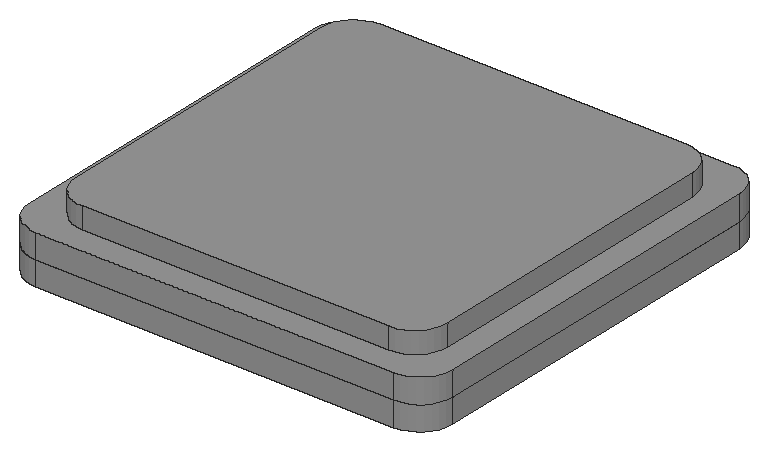
Revit family "FMS2_63_UN_Surface-mounted_ETK", category Lighting Fixtures, Revit 2019 (continued)
Definition of nested family "FMS.2 - Lightsource"
  Types (14, lengths in mm): name | Wattage Comments | Wattage | built-in parameter 1150134 | Photometric Web File | built-in parameter 1150142 | built-in parameter 1150105 | Lumens | built-in parameter 1150107 | built-in parameter 1150106 | Apparent Load
      44\t945.3186\t942.7428\r\n939.8808\t937.0188\t934.1568\t931.2948\t928.4328\t925.857\t922.995\t920.133\t917.271\t914.409\r\n911.547\t908.685\t905.823\t901.8162\t897.5232\t893.2302\t888.9372\t884.6442\t880.065\t875.772\r\n871.1928\t866.6136\t862.0344\t857.4552\t852.876\t848.583\t844.0038\t839.7108\t835.1316\t830.8386\r\n826.5456\t821.9664\t817.3872\t812.808\t807.084\t801.36\t795.3498\t789.6258\t783.9018\t778.1778\r\n772.74\t767.016\t761.292\t755.568\t749.844\t744.12\t738.396\t732.672\t726.948\t721.224\r\n715.5\t709.776\t704.052\t698.328\t692.0316\t685.1628\t678.0078\t671.139\t664.2702\t657.4014\r\n650.5326\t643.6638\t636.795\t629.9262\t623.0574\t616.1886\t609.3198\t602.7372\t595.8684\t588.9996\r\n582.1308\t575.262\t568.3932\t561.5244\t554.3694\t546.9282\t539.2008\t531.7596\t524.0322\t516.3048\r\n508.8636\t501.1362\t493.695\t485.9676\t478.5264\t471.0852\t463.3578\t455.9166\t448.4754\t440.748\r\n433.3068\t425.8656\t418.1382\t410.697\t402.6834\t394.6698\t386.6562\t378.6426\t370.629\t362.6154\r\n354.6018\t346.5882\t338.5746\t330.561\t322.5474\t314.5338\t306.5202\t298.5066\t290.493\t282.4222\r\n274.4372\t266.4236\t258.4386\t250.9974\t243.7279\t236.4584\t229.189\t221.9481\t214.6786\t207.4378\r\n200.1683\t192.9274\t185.6866\t178.4457\t171.2335\t163.9926\t156.7517\t149.5395\t142.3273\t135.0864\r\n127.8742\t120.6619\t108.985\t96.3063\t83.6276\t70.9776\t58.2989\t45.6203\t32.9416\t20.2773\r\n7.6072\t0\t0\t0\t0\t0\t0\t0\t0\t0\r\n0\r\n985.1004\t983.9556\t983.097\t981.9522\t980.8074\t979.9488\t978.804\t977.9454\t977.0868\t975.942\r\n975.0834\t974.2248\t973.08\t972.2214\t971.0766\t970.218\t969.0732\t968.2146\t967.356\t966.2112\r\n965.3526\t963.9216\t961.0596\t958.4838\t955.6218\t953.046\t950.184\t947.6082\t944.7462\t941.8842\r\n939.3084\t936.7326\t933.8706\t931.2948\t928.719\t925.857\t923.2812\t920.4192\t917.8434\t915.2676\r\n912.4056\t909.5436\t905.823\t901.53\t896.9508\t892.6578\t888.3648\t884.0718\t879.7788\t875.4858\r\n870.9066\t866.6136\t862.3206\t857.7414\t853.4484\t849.1554\t844.5762\t840.2832\t835.9902\t831.6972\r\n827.4042\t823.1112\t818.2458\t812.5218\t807.084\t801.36\t795.636\t789.912\t784.188\t778.464\r\n772.74\t767.016\t761.292\t755.568\t749.844\t744.4062\t738.6822\t732.9582\t727.5204\t721.7964\r\n716.0724\t710.6346\t704.9106\t698.0418\t691.173\t684.5904\t677.7216\t670.8528\t663.984\t657.1152\r\n650.2464\t643.6638\t636.795\t629.9262\t623.3436\t616.4748\t609.8922\t603.0234\t596.1546\t589.572\r\n582.7032\t576.1206\t569.2518\t561.8106\t554.0832\t546.642\t539.2008\t531.4734\t524.0322\t516.591\r\n508.8636\t501.4224\t493.695\t486.2538\t478.5264\t471.0852\t463.644\t455.9166\t448.4754\t441.0342\r\n433.3068\t425.8656\t418.1382\t410.1246\t402.111\t394.0974\t386.0838\t378.0702\t370.0566\t362.043\r\n354.0294\t346.0158\t338.0022\t329.9886\t321.975\t313.9614\t305.9478\t297.9342\t290.2068\t282.0787\r\n274.1224\t266.1374\t258.6676\t251.3695\t244.0714\t236.7733\t229.4752\t222.2057\t214.9076\t207.6381\r\n200.34\t193.0705\t185.7724\t178.5029\t171.2048\t163.9354\t156.6659\t149.3964\t142.1269\t134.8574\r\n127.5593\t118.5154\t105.8081\t93.1295\t80.4222\t67.7435\t55.0649\t42.3576\t29.6789\t16.9917\r\n4.3016\t0\t0\t0\t0\t0\t0\t0\t0\t0\r\n0\r\n985.1004\t983.9556\t983.097\t981.9522\t981.0936\t979.9488\t979.0902\t977.9454\t977.0868\t976.2282\r\n975.0834\t974.2248\t973.3662\t972.5076\t971.3628\t970.5042\t969.6456\t968.5008\t967.6422\t966.4974\r\n965.6388\t963.3492\t960.7734\t958.1976\t955.3356\t952.7598\t950.184\t947.322\t944.7462\t942.1704\r\n939.3084\t936.7326\t934.1568\t931.2948\t928.719\t925.857\t923.2812\t920.4192\t917.8434\t914.9814\r\n912.4056\t908.9712\t904.9644\t900.6714\t896.3784\t892.0854\t887.7924\t883.4994\t879.2064\t874.9134\r\n870.9066\t866.6136\t862.3206\t858.0276\t853.7346\t849.4416\t845.1486\t840.8556\t836.8488\t832.5558\r\n828.2628\t823.6836\t817.9596\t812.2356\t806.5116\t800.7876\t795.3498\t789.6258\t783.9018\t778.1778\r\n772.74\t767.016\t761.292\t755.568\t750.1302\t744.4062\t738.6822\t732.9582\t727.2342\t721.5102\r\n715.7862\t710.0622\t703.4796\t696.6108\t690.0282\t683.1594\t676.5768\t669.9942\t663.1254\t656.5428\r\n649.674\t643.0914\t636.5088\t629.9262\t623.0574\t616.4748\t609.8922\t603.0234\t596.4408\t589.8582\r\n582.9894\t576.1206\t568.6794\t561.2382\t553.797\t546.3558\t538.9146\t531.1872\t523.746\t516.3048\r\n508.8636\t501.1362\t493.695\t486.2538\t478.8126\t471.3714\t463.644\t456.2028\t448.7616\t441.3204\r\n433.8792\t426.1518\t418.1382\t410.1246\t402.111\t394.3836\t386.37\t378.3564\t370.3428\t362.3292\r\n354.3156\t346.302\t338.2884\t330.2748\t322.2612\t314.2476\t306.234\t298.2204\t290.2068\t282.1932\r\n274.1796\t266.4808\t259.1541\t251.8274\t244.5007\t237.1739\t229.8472\t222.5205\t215.1938\t207.8957\r\n200.569\t193.2422\t185.9155\t178.6174\t171.2907\t163.964\t156.6659\t149.3392\t142.0411\t134.7143\r\n127.4162\t116.3117\t103.6044\t90.8971\t78.1612\t65.4539\t52.7467\t40.0394\t27.3378\t14.6305\r\n1.9213\t0\t0\t0\t0\t0\t0\t0\t0\t0\r\n0\r\n985.1004\t984.2418\t983.097\t982.2384\t981.0936\t980.235\t979.0902\t978.2316\t977.373\t976.2282\r\n975.3696\t974.511\t973.3662\t972.5076\t971.649\t970.7904\t969.6456\t968.787\t967.9284\t967.0698\r\n966.2112\t963.6354\t961.0596\t958.4838\t955.6218\t953.046\t950.4702\t947.6082\t945.0324\t942.4566\r\n939.5946\t937.0188\t934.443\t931.581\t929.0052\t926.4294\t923.5674\t920.9916\t918.4158\t915.84\r\n913.2642\t908.9712\t904.9644\t900.6714\t896.3784\t892.0854\t887.7924\t883.4994\t879.2064\t874.9134\r\n870.9066\t866.6136\t862.3206\t858.0276\t853.7346\t849.4416\t845.4348\t841.1418\t836.8488\t832.5558\r\n828.549\t823.1112\t817.3872\t811.9494\t806.2254\t800.7876\t795.0636\t789.3396\t783.9018\t778.1778\r\n772.4538\t767.016\t761.292\t755.568\t749.844\t744.4062\t738.6822\t732.9582\t727.2342\t721.7964\r\n716.0724\t709.4898\t702.9072\t696.3246\t689.742\t683.1594\t676.2906\t669.708\t663.1254\t656.5428\r\n649.9602\t643.0914\t636.5088\t629.9262\t623.3436\t616.761\t610.1784\t603.3096\t596.727\t590.1444\r\n583.5618\t576.1206\t568.6794\t561.2382\t553.797\t546.3558\t538.9146\t531.4734\t523.746\t516.3048\r\n508.8636\t501.4224\t493.9812\t486.54\t478.8126\t471.3714\t463.9302\t456.489\t449.0478\t441.6066\r\n434.1654\t426.1518\t418.1382\t410.1246\t402.111\t394.0974\t386.0838\t378.0702\t370.0566\t362.043\r\n354.3156\t346.302\t338.2884\t330.2748\t322.2612\t314.2476\t306.234\t298.2204\t290.2068\t282.2504\r\n274.2655\t266.8243\t259.4689\t252.1422\t244.7869\t237.4315\t230.0762\t222.7208\t215.3655\t208.0388\r\n200.6834\t193.3281\t185.9728\t178.646\t171.2907\t163.9354\t156.6086\t149.2533\t141.898\t134.5712\r\n127.2159\t114.9093\t102.202\t89.4661\t76.7588\t64.0516\t51.3443\t38.6084\t25.9068\t13.1938\r\n0.4814\t0\t0\t0\t0\t0\t0\t0\t0\t0\r\n0\r\n985.1004\t984.2418\t983.097\t982.2384\t981.3798\t980.235\t979.3764\t978.5178\t977.373\t976.5144\r\n975.3696\t974.511\t973.6524\t972.5076\t971.649\t970.7904\t969.6456\t968.787\t967.9284\t966.7836\r\n965.925\t963.3492\t960.4872\t957.9114\t955.3356\t952.7598\t949.8978\t947.322\t944.7462\t942.1704\r\n939.3084\t936.7326\t934.1568\t931.581\t929.0052\t926.1432\t923.5674\t920.9916\t918.4158\t915.5538\r\n912.978\t908.685\t904.6782\t900.3852\t896.0922\t891.7992\t887.7924\t883.4994\t879.2064\t875.1996\r\n870.9066\t866.6136\t862.3206\t858.3138\t854.0208\t849.7278\t845.721\t841.428\t837.135\t832.842\r\n828.8352\t823.1112\t817.6734\t811.9494\t806.2254\t800.7876\t795.0636\t789.6258\t783.9018\t778.464\r\n772.74\t767.016\t761.5782\t755.8542\t750.4164\t744.6924\t739.2546\t733.5306\t727.8066\t722.3688\r\n716.6448\t710.0622\t703.4796\t696.6108\t690.0282\t683.4456\t676.863\t669.9942\t663.4116\t656.829\r\n650.2464\t643.3776\t636.795\t630.2124\t623.3436\t616.761\t610.1784\t603.5958\t596.727\t590.1444\r\n583.5618\t576.1206\t568.6794\t561.2382\t553.5108\t546.0696\t538.6284\t531.1872\t523.746\t516.3048\r\n508.8636\t501.4224\t493.9812\t486.54\t478.8126\t471.3714\t463.9302\t456.489\t449.0478\t441.6066\r\n434.1654\t426.1518\t418.1382\t410.1246\t402.111\t394.0974\t386.37\t378.3564\t370.3428\t362.3292\r\n354.3156\t346.302\t338.2884\t330.2748\t322.2612\t314.2476\t306.234\t298.5066\t290.493\t282.4222\r\n274.4372\t267.0818\t259.7265\t252.3712\t245.0158\t237.6891\t230.3338\t222.9784\t215.6231\t208.2677\r\n200.9124\t193.5857\t186.2303\t178.875\t171.5197\t164.1643\t156.809\t149.4823\t142.1269\t134.7716\r\n127.4162\t114.6803\t101.9444\t89.1799\t76.444\t63.7081\t50.9722\t38.2363\t25.4832\t12.7416\r\n0\t0\t0\t0\t0\t0\t0\t0\t0\t0\r\n0\r\n985.1004\t983.9556\t983.097\t981.9522\t981.0936\t979.9488\t979.0902\t978.2316\t977.0868\t976.2282\r\n975.3696\t974.511\t973.6524\t972.5076\t971.649\t970.7904\t969.9318\t969.0732\t968.5008\t967.6422\r\n966.7836\t964.2078\t961.632\t959.0562\t956.1942\t953.6184\t950.7564\t948.1806\t945.3186\t942.7428\r\n939.8808\t937.305\t934.443\t931.8672\t929.0052\t926.4294\t923.5674\t920.9916\t918.1296\t915.5538\r\n912.6918\t908.685\t904.392\t900.3852\t896.0922\t891.7992\t887.7924\t883.4994\t879.4926\t875.1996\r\n870.9066\t866.8998\t862.6068\t858.3138\t854.307\t850.014\t845.721\t841.428\t837.135\t833.1282\r\n828.8352\t823.3974\t817.6734\t811.9494\t806.2254\t800.7876\t795.0636\t789.3396\t783.9018\t778.1778\r\n772.4538\t767.016\t761.292\t755.8542\t750.1302\t744.6924\t738.9684\t733.5306\t727.8066\t722.3688\r\n716.6448\t710.3484\t703.7658\t696.897\t690.3144\t683.7318\t676.863\t670.2804\t663.6978\t656.829\r\n650.2464\t643.6638\t636.795\t630.2124\t623.6298\t616.761\t610.1784\t603.5958\t596.727\t590.1444\r\n583.5618\t576.1206\t568.6794\t561.2382\t553.797\t546.3558\t538.9146\t531.4734\t524.0322\t516.591\r\n509.1498\t501.7086\t494.2674\t486.54\t479.0988\t471.6576\t464.2164\t456.7752\t449.334\t441.8928\r\n434.4516\t426.438\t418.4244\t410.4108\t402.3972\t394.6698\t386.6562\t378.6426\t370.629\t362.6154\r\n354.6018\t346.5882\t338.5746\t330.561\t322.5474\t314.5338\t306.5202\t298.5066\t290.7792\t282.6797\r\n274.6948\t267.2536\t259.8982\t252.5715\t245.2162\t237.8608\t230.5341\t223.1788\t215.852\t208.4967\r\n201.1414\t193.8146\t186.4593\t179.1326\t171.7772\t164.4505\t157.0952\t149.7685\t142.4131\t135.0864\r\n127.7311\t115.3672\t102.6027\t89.8382\t77.0737\t64.3091\t51.5446\t38.7801\t26.0156\t13.2482\r\n0.4834\t0\t0\t0\t0\t0\t0\t0\t0\t0\r\n0\r\n985.1004\t983.9556\t983.097\t981.9522\t980.8074\t979.9488\t978.804\t977.9454\t977.0868\t976.2282\r\n975.3696\t974.511\t973.6524\t972.5076\t971.649\t970.7904\t969.6456\t968.787\t967.6422\t966.7836\r\n965.6388\t963.3492\t960.7734\t957.9114\t955.3356\t952.7598\t950.184\t947.6082\t944.7462\t942.1704\r\n939.5946\t937.0188\t934.443\t931.581\t929.0052\t926.4294\t923.5674\t920.7054\t917.8434\t915.2676\r\n912.4056\t908.9712\t904.9644\t900.6714\t896.3784\t892.0854\t888.0786\t883.7856\t879.4926\t875.1996\r\n871.1928\t866.8998\t862.6068\t858.3138\t854.0208\t850.014\t845.721\t841.428\t837.135\t832.5558\r\n828.2628\t823.6836\t818.2458\t812.5218\t807.084\t801.36\t795.9222\t790.1982\t784.4742\t778.7502\r\n773.3124\t767.5884\t761.8644\t756.1404\t750.4164\t744.6924\t738.9684\t733.2444\t727.8066\t722.0826\r\n716.3586\t710.6346\t703.7658\t697.1832\t690.6006\t683.7318\t677.1492\t670.5666\t663.984\t657.1152\r\n650.5326\t643.95\t637.0812\t630.4986\t623.916\t617.0472\t610.4646\t603.882\t597.2994\t590.4306\r\n583.848\t576.9792\t569.538\t562.0968\t554.6556\t547.2144\t539.487\t532.0458\t524.6046\t516.8772\r\n509.436\t501.9948\t494.2674\t486.8262\t479.385\t471.9438\t464.2164\t456.7752\t449.334\t441.6066\r\n434.1654\t426.438\t418.4244\t410.697\t402.6834\t394.6698\t386.6562\t378.6426\t370.629\t362.6154\r\n354.6018\t346.5882\t338.8608\t330.8472\t322.8336\t314.82\t306.8064\t298.7928\t291.0654\t282.9659\r\n275.0096\t267.3108\t259.9841\t252.6574\t245.3593\t238.0325\t230.7058\t223.3791\t216.0524\t208.7257\r\n201.3989\t194.1008\t186.7741\t179.4474\t172.1207\t164.8226\t157.4959\t150.1691\t142.871\t135.5443\r\n128.2176\t117.0558\t104.2913\t91.4981\t78.705\t65.9119\t53.1187\t40.3256\t27.521\t14.7279\r\n1.9341\t0\t0\t0\t0\t0\t0\t0\t0\t0\r\n0\r\n985.1004\t983.9556\t982.8108\t981.666\t980.8074\t979.6626\t978.804\t977.9454\t977.0868\t975.942\r\n975.0834\t974.2248\t973.3662\t972.2214\t971.3628\t970.218\t969.3594\t968.5008\t967.6422\t966.7836\r\n965.925\t964.494\t961.9182\t959.3424\t956.7666\t953.9046\t951.0426\t948.1806\t945.6048\t942.7428\r\n939.8808\t937.0188\t934.443\t931.8672\t929.0052\t926.4294\t923.8536\t921.2778\t918.702\t916.1262\r\n913.2642\t910.4022\t906.3954\t902.1024\t897.8094\t893.5164\t889.2234\t884.9304\t880.6374\t876.3444\r\n872.0514\t867.7584\t863.4654\t859.1724\t854.8794\t850.5864\t846.2934\t842.0004\t837.7074\t833.1282\r\n828.8352\t824.256\t819.6768\t813.6666\t807.9426\t802.2186\t796.4946\t790.7706\t785.0466\t779.3226\r\n773.5986\t767.8746\t762.1506\t756.4266\t750.7026\t744.9786\t739.2546\t733.5306\t727.8066\t722.0826\r\n716.6448\t710.9208\t705.1968\t698.328\t691.7454\t684.8766\t678.294\t671.4252\t664.5564\t657.9738\r\n651.105\t644.2362\t637.6536\t630.7848\t624.2022\t617.6196\t610.7508\t603.882\t597.2994\t590.4306\r\n583.848\t576.9792\t570.1104\t562.6692\t554.9418\t547.5006\t539.7732\t532.332\t524.8908\t517.1634\r\n509.7222\t501.9948\t494.5536\t487.1124\t479.385\t471.9438\t464.5026\t456.7752\t449.334\t441.6066\r\n434.1654\t426.7242\t418.9968\t410.9832\t402.9696\t394.956\t386.9424\t378.9288\t370.9152\t362.9016\r\n355.1742\t347.1606\t339.147\t331.1334\t323.1198\t315.1062\t307.3788\t299.3652\t291.3516\t283.3952\r\n275.4389\t267.4825\t259.9841\t252.686\t245.3593\t238.0612\t230.7631\t223.465\t216.1669\t208.8688\r\n201.5707\t194.2726\t187.0031\t179.705\t172.4069\t165.1374\t157.8393\t150.5698\t143.3003\t136.0022\r\n128.7328\t119.6316\t106.8098\t94.0167\t81.1949\t68.4018\t55.58\t42.7583\t29.9651\t17.152\r\n4.3445\t0\t0\t0\t0\t0\t0\t0\t0\t0\r\n0\r\n985.1004\t983.9556\t982.8108\t981.666\t980.5212\t979.6626\t978.804\t977.9454\t977.0868\t975.942\r\n975.0834\t974.2248\t973.08\t972.2214\t971.649\t970.7904\t969.9318\t969.0732\t968.2146\t967.0698\r\n965.925\t964.7802\t962.2044\t959.6286\t956.7666\t954.1908\t951.3288\t948.753\t946.1772\t943.6014\r\n940.7394\t937.8774\t935.0154\t932.1534\t929.2914\t926.4294\t923.5674\t920.9916\t918.1296\t915.2676\r\n912.4056\t909.5436\t906.6816\t902.6748\t898.3818\t894.0888\t889.7958\t885.5028\t880.9236\t876.6306\r\n872.0514\t867.7584\t863.4654\t858.8862\t854.5932\t850.014\t845.4348\t840.8556\t836.5626\t831.9834\r\n827.4042\t822.825\t818.532\t813.9528\t808.2288\t802.5048\t796.7808\t791.0568\t785.3328\t779.3226\r\n773.5986\t767.8746\t762.1506\t756.1404\t750.4164\t744.6924\t738.6822\t732.9582\t727.2342\t721.224\r\n715.5\t709.776\t703.7658\t698.0418\t691.7454\t685.1628\t678.294\t671.7114\t664.8426\t657.9738\r\n651.3912\t644.5224\t637.6536\t630.7848\t623.916\t617.3334\t610.4646\t603.5958\t596.727\t590.1444\r\n583.2756\t576.693\t569.8242\t563.2416\t556.0866\t548.3592\t540.918\t533.4768\t525.7494\t518.022\r\n510.2946\t502.8534\t495.126\t487.3986\t479.6712\t472.23\t464.5026\t457.0614\t449.334\t441.6066\r\n434.1654\t426.438\t418.9968\t411.2694\t403.2558\t395.2422\t387.2286\t379.215\t371.2014\t363.1878\r\n355.4604\t347.4468\t339.4332\t331.4196\t323.406\t315.3924\t307.665\t299.6514\t291.6378\t283.7673\r\n275.8396\t267.9404\t260.0127\t252.6001\t245.3306\t238.0612\t230.7917\t223.5222\t216.2527\t209.0119\r\n201.771\t194.5015\t187.2607\t180.0198\t172.8076\t165.5667\t158.3258\t151.1136\t143.8727\t136.6605\r\n129.4196\t122.2074\t110.416\t97.5656\t84.7438\t71.8934\t59.0717\t46.2213\t33.3709\t20.5463\r\n7.7074\t0\t0\t0\t0\t0\t0\t0\t0\t0\r\n0\r\n985.1004\t983.9556\t982.8108\t981.666\t980.5212\t979.6626\t978.804\t977.9454\t977.0868\t976.2282\r\n975.3696\t974.511\t973.6524\t973.08\t972.2214\t971.0766\t969.9318\t968.787\t967.356\t966.2112\r\n965.3526\t964.2078\t963.063\t960.4872\t957.9114\t955.0494\t952.1874\t949.3254\t946.4634\t943.6014\r\n940.7394\t937.8774\t935.3016\t932.4396\t929.5776\t926.7156\t923.8536\t920.9916\t918.1296\t914.9814\r\n911.8332\t908.9712\t905.823\t902.961\t899.5266\t894.9474\t890.6544\t886.0752\t881.496\t876.9168\r\n872.3376\t867.7584\t863.1792\t858.6\t854.0208\t849.7278\t845.1486\t840.5694\t836.2764\t831.6972\r\n827.118\t822.5388\t817.9596\t813.3804\t808.8012\t804.222\t798.2118\t792.2016\t786.4776\t780.4674\r\n774.7434\t768.7332\t763.0092\t756.999\t751.275\t745.551\t739.5408\t733.5306\t727.8066\t721.7964\r\n716.0724\t710.0622\t704.052\t698.328\t692.3178\t686.3076\t679.725\t672.8562\t665.9874\t659.1186\r\n651.9636\t645.0948\t638.226\t631.3572\t624.4884\t617.6196\t610.7508\t603.882\t597.0132\t590.1444\r\n583.2756\t576.4068\t569.538\t562.6692\t555.8004\t548.9316\t541.4904\t533.763\t526.0356\t518.3082\r\n510.867\t503.1396\t495.4122\t487.6848\t480.2436\t472.5162\t464.7888\t457.0614\t449.334\t441.8928\r\n434.1654\t426.438\t418.9968\t411.2694\t403.542\t395.8146\t387.801\t379.7874\t371.7738\t363.7602\r\n355.7466\t348.0192\t340.0056\t331.992\t323.9784\t315.9648\t308.2374\t300.2238\t292.2102\t284.3397\r\n276.412\t268.5128\t260.5851\t252.7146\t245.1589\t237.9181\t230.7058\t223.4936\t216.31\t209.0977\r\n201.8855\t194.7019\t187.4896\t180.306\t173.1224\t165.9388\t158.7838\t151.6001\t144.4451\t137.2901\r\n130.1351\t122.9801\t114.9093\t102.0303\t89.1799\t76.3009\t63.4505\t50.5715\t37.7212\t24.8593\r\n11.9975\t0\t0\t0\t0\t0\t0\t0\t0\t0\r\n0\r\n985.1004\t983.9556\t982.8108\t981.666\t980.5212\t979.6626\t979.0902\t978.2316\t977.0868\t976.5144\r\n975.6558\t975.0834\t974.2248\t973.08\t971.9352\t970.5042\t969.3594\t968.2146\t967.0698\t966.2112\r\n965.0664\t963.6354\t962.4906\t961.0596\t958.1976\t955.6218\t952.7598\t950.184\t947.322\t944.46\r\n941.598\t938.736\t935.874\t932.7258\t929.5776\t926.4294\t923.2812\t920.4192\t917.271\t914.409\r\n911.2608\t908.1126\t904.9644\t901.53\t898.3818\t894.9474\t891.513\t886.9338\t882.6408\t878.0616\r\n873.4824\t868.617\t864.0378\t859.1724\t854.5932\t850.014\t845.4348\t840.8556\t836.2764\t831.6972\r\n826.8318\t822.2526\t817.6734\t812.808\t808.2288\t803.3634\t798.498\t793.6326\t788.1948\t782.1846\r\n776.1744\t770.1642\t764.154\t758.1438\t751.8474\t745.8372\t739.827\t733.5306\t727.5204\t721.5102\r\n715.5\t709.4898\t703.4796\t697.1832\t691.173\t685.1628\t678.8664\t672.8562\t666.846\t660.2634\r\n653.1084\t646.2396\t639.3708\t632.2158\t625.347\t618.192\t611.3232\t604.1682\t597.0132\t590.1444\r\n582.9894\t576.12
